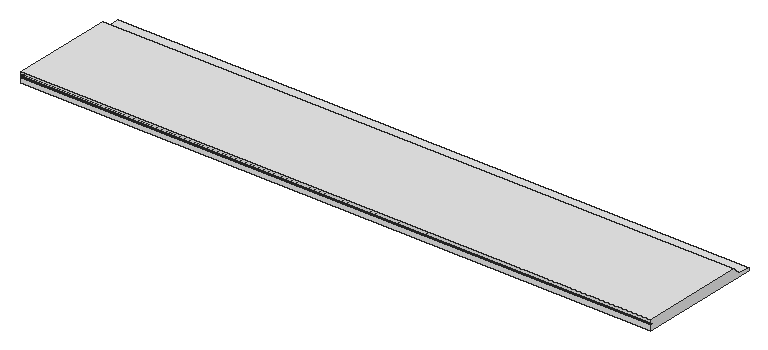
Revit family "9-SKIRTBOARD-CADS-68-Skirtboard-1x10-4-REVIT_Versatex-Generic-Model-1in-x-10in-SKIRTBOARD", category Generic Models, host Face, Revit 2026
Family settings
  Host = Face
  Can host rebar = No
  Round Connector Dimension = Use Diameter
  Part Type = Normal
  Cut with Voids When Loaded = No
  Maintain Annotation Orientation = No
  Shared = No
  Room Calculation Point = No
Parameters
  Model = "SSBSM/TR011018"
  Length = 4' - 0"
  Warranty = "https://versatex.com/warranty/"
  URL = "https://versatex.com/"
  Specification = "https://www.arcat.com/company/versatex-45716/spec?coid=45716"
  Sales Information = "https://versatex.com/dealer-locator/"
  Message Manufacturer = "https://versatex.com/contact/"
  Material = Versatex PVC - Smooth
  Manufacturer Website = "https://versatex.com/"
  Manufacturer Phone = "724-857-1111"
  Manufacturer Fax = "724-857-1171"
  Manufacturer Address = "400 Steel Street, Aliquippa, PA 15001"
  Manufacturer = "Versatex"
  Literature = "https://versatex.com/literature/?_sft_literature_category=cads"
  Description = "NOMINAL 1\" X 10\" SKIRTBOARD"
  Default Elevation = 4' - 0"
  Copyright = "© 2024 VERSATEX Building Products, LLC"
Reference planes (in)
  plane 1 "Center (Front/Back)": y = 0
  plane 2: z = 0
  plane 3 "Center (Left/Right)": x = 0
  plane 4: x = 24
  plane 5: x = -24
Forms (in)
  Sweep 1, solid, material "Versatex PVC - Smooth" <- "Material"
    path origin (0, 0, 0) x (1, 0, 0) y (0, 1, 0)
      loop
        line (-24, 0) -> (24, 0)
    profile origin (0, 0, 0) x (0, 1, 0) y (0, 0, 1)
      loop
        line (0, 0.37926) -> (0, 0) -> (9.255, 0) -> (9.255, 0.2499) -> (8.38036, 0.2499) -> (7.87852, 0.75203) -> (0, 0.75203) -> (0, 0.5042) -> (0.12495, 0.5042)
        arc (0.12495, 0.5042) -> (0.18742, 0.44173) -> (0.12495, 0.37926) r 0.06247
        line (0.12495, 0.37926) -> (0, 0.37926)
Dimensions and locks (in)
  "Length": plane 5 to plane 4
  equal spacing: plane 5, plane 3 "Center (Left/Right)", plane 4, locked at 24 each
  aligned and locked: plane 2 to host face
  aligned and locked: level to host face
Automatic sketch dimensions
  host sketch curve to host sketch curve = 8' - 0"  (x2)
  plane 1 "Center (Front/Back)" to Sweep 1 sketch curve = 0' - 0"
  Sweep 1 sketch curve to plane 5 = 0' - 0"
  Sweep 1 sketch curve to plane 4 = 0' - 0"
  Sweep 1 sketch curve to profile plane = 0' - 0"
  Sweep 1 sketch curve to Sweep 1 sketch curve = 0' - 0"
  Sweep 1 sketch curve to Sweep 1 sketch curve = 0' - 0.12495"
  level to Sweep 1 sketch curve = 0' - 0.75203"
  Sweep 1 sketch curve to Sweep 1 sketch curve = 0' - 7.75357"
  Sweep 1 sketch curve to Sweep 1 sketch curve = 0' - 0.50183"
  Sweep 1 sketch curve to Sweep 1 sketch curve = 0' - 0.87464"
  Sweep 1 sketch curve to Sweep 1 sketch curve = 0' - 0.24782"
  Sweep 1 sketch curve to Sweep 1 sketch curve = 0' - 0.06247"
  Sweep 1 sketch curve to Sweep 1 sketch curve = 0' - 0.50213"
  Sweep 1 sketch curve to Sweep 1 sketch curve = 0' - 0.2499"
